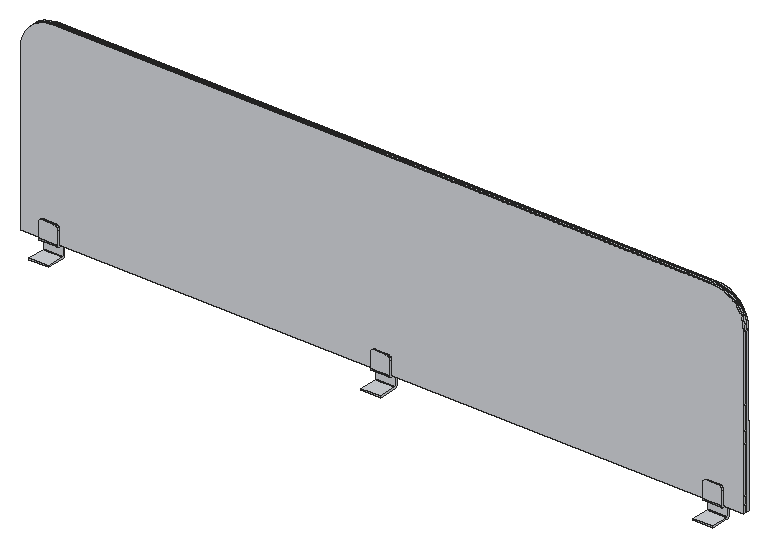
Revit family "BuzziTripl Desk", category Furniture, Revit 2018
Family settings
  OmniClass Number = 23.40.20.00
  OmniClass Title = General Furniture and Specialties
  Work Plane-Based = No
  Always vertical = Yes
  Cut with Voids When Loaded = No
  Shared = No
  Room Calculation Point = No
Parameters (values of type "BuzziTripl Rounded Corners")
  Outside Material = none
  Length [instance] = 6' - 1.06182"
  Divider Type = Rounded Corners : Rounded Corners
  Core Material = none
  Bracket Material = none
  Bracket Locations [instance] = Length - 0' 6"  # 5' - 7.06182"
Types (3): name | Divider Type
  (no name) | Rounded Corners : Rounded Corners
  BuzziTripl Wedge | Wedge : Wedge
  BuzziTripl Rounded Corners | Rounded Corners : Rounded Corners
Reference planes (in)
  plane 1 "Center Front/Back": y = 0
  plane 2: z = 0
  plane 3 "Center Left/Right": x = 0
  plane 4: x = -33.53091
  plane 5: x = 33.53091
Dimensions and locks (in)
  equal spacing: plane 5, plane 3 "Center Left/Right", plane 4
  "Bracket Locations": plane 5 to plane 4
  aligned and locked: level to plane 2
  aligned and locked: nested 2 to plane 4
  aligned and locked: nested 3 to plane 3 "Center Left/Right"
  aligned and locked: plane 5 to nested 4
Nested families (in)
  nested 1: "Rounded Corners" at (0, 0, 0), type <- "Divider Type", type "Rounded Corners"
  nested 2: "Bracket" at (-33.53091, 0.57087, -1.35827) x (0, -1, 0) z (0, 0, 1), type "Bracket"
  nested 3: "Bracket" at (0, 0.57087, -1.35827) x (0, -1, 0) z (0, 0, 1), type "Bracket"
  nested 4: "Bracket" at (33.53091, 0.57087, -1.35827) x (0, -1, 0) z (0, 0, 1), type "Bracket"
Definition of nested family "Rounded Corners"
  Parameters (values of type "Rounded Corners")
    Outside Layer = none
    Length = 6' - 1.06182"
    Core Material = none
  Reference planes (in)
    plane 1 "Center (Front/Back)": y = 0
    plane 2: z = 0
    plane 3 "Center (Left/Right)": x = 0
    plane 4: x = -36.53091
    plane 5: x = 36.53091
  Forms (in)
    Extrusion 1, solid, material <- "Outside Layer"
      sketch origin (0, 0, 0) x (1, 0, 0) y (0, 0, 1)
        loop
          line (-36.53091, 0) -> (36.53091, 0) -> (36.53091, 16.43504)
          arc (36.53091, 16.43504) -> (35.57901, 18.73314) -> (33.28091, 19.68504) r 3.25
          line (33.28091, 19.68504) -> (-33.28091, 19.68504)
          arc (-33.28091, 19.68504) -> (-35.57901, 18.73314) -> (-36.53091, 16.43504) r 3.25
          line (-36.53091, 16.43504) -> (-36.53091, 0)
      from -0.19029 to 0
    Extrusion 2, solid, material <- "Outside Layer"
      sketch origin (0, 0, 0) x (1, 0, 0) y (0, 0, 1)
        loop
          line (-36.53091, 0) -> (36.53091, 0) -> (36.53091, 16.43504)
          arc (36.53091, 16.43504) -> (35.57901, 18.73314) -> (33.28091, 19.68504) r 3.25
          line (33.28091, 19.68504) -> (-33.28091, 19.68504)
          arc (-33.28091, 19.68504) -> (-35.57901, 18.73314) -> (-36.53091, 16.43504) r 3.25
          line (-36.53091, 16.43504) -> (-36.53091, 0)
      from -0.57087 to -0.38058
    Extrusion 3, solid, material <- "Core Material"
      sketch origin (0, 0, 0) x (1, 0, 0) y (0, 0, 1)
        loop
          line (-36.53091, 0) -> (36.53091, 0) -> (36.53091, 16.43504)
          arc (36.53091, 16.43504) -> (35.57901, 18.73314) -> (33.28091, 19.68504) r 3.25
          line (33.28091, 19.68504) -> (-33.28091, 19.68504)
          arc (-33.28091, 19.68504) -> (-35.57901, 18.73314) -> (-36.53091, 16.43504) r 3.25
          line (-36.53091, 16.43504) -> (-36.53091, 0)
      from -0.38058 to -0.19029
  Dimensions and locks (in)
    equal spacing: plane 4, plane 3 "Center (Left/Right)", plane 5
    "Length": plane 4 to plane 5
    aligned and locked: plane 2 to level
    aligned and locked: plane 4 to Extrusion 1  (x4)
    aligned and locked: plane 4 to Extrusion 3
    aligned and locked: plane 4 to Extrusion 2
    aligned and locked: Extrusion 1 to plane 5  (x2)
    aligned and locked: Extrusion 3 to plane 5
    aligned and locked: Extrusion 2 to plane 5
  Automatic sketch dimensions
    Extrusion 1 sketch curve to level = 0' - 0"
    plane 4 to Extrusion 1 sketch curve = 0' - 0"
    Extrusion 1 sketch curve to plane 5 = 0' - 0"
    Extrusion 1 sketch curve to plane 4 = 0' - 3 1/4"
    Extrusion 1 sketch curve to plane 5 = 0' - 3 1/4"
    Extrusion 1 sketch curve to Extrusion 1 sketch curve = 1' - 4.43504"
    Extrusion 3 sketch curve to level = 0' - 0"
    plane 4 to Extrusion 3 sketch curve = 0' - 0"
    Extrusion 3 sketch curve to plane 5 = 0' - 0"
    Extrusion 3 sketch curve to plane 4 = 0' - 3 1/4"
    Extrusion 3 sketch curve to plane 5 = 0' - 3 1/4"
    level to Extrusion 3 sketch curve = 1' - 4.43504"
    Extrusion 2 sketch curve to level = 0' - 0"
    plane 4 to Extrusion 2 sketch curve = 0' - 0"
    Extrusion 2 sketch curve to plane 5 = 0' - 0"
    Extrusion 2 sketch curve to plane 4 = 0' - 3 1/4"
    Extrusion 2 sketch curve to plane 5 = 0' - 3 1/4"
    level to Extrusion 2 sketch curve = 1' - 4.43504"
Definition of nested family "Bracket"
  Parameters (values of type "Bracket")
    Bracket = none
  Reference planes (in)
    plane 1 "Center (Front/Back)": y = 0
    plane 2: z = 0
    plane 3 "Center (Left/Right)": x = 0
  Forms (in)
    Extrusion 1, solid, material <- "Bracket"
      sketch origin (0, 0, 0) x (1, 0, 0) y (0, 0, 1)
        loop
          line (0.11811, 3.20866) -> (0, 3.20866) -> (0, 0.16434)
          arc (0, 0.16434) -> (0.04813, 0.04813) -> (0.16434, 0) r 0.16434
          line (0.16434, 0) -> (1.9685, 0) -> (1.9685, 0.11811) -> (0.16415, 0.11811)
          arc (0.16415, 0.11811) -> (0.1316, 0.1316) -> (0.11811, 0.16415) r 0.04604
          line (0.11811, 0.16415) -> (0.11811, 1.24016) -> (0.6222, 1.24016)
          arc (0.6222, 1.24016) -> (0.73901, 1.28855) -> (0.7874, 1.40536) r 0.16521
          line (0.7874, 1.40536) -> (0.7874, 3.20866) -> (0.66929, 3.20866) -> (0.66929, 1.4027)
          arc (0.66929, 1.4027) -> (0.65628, 1.37128) -> (0.62485, 1.35827) r 0.04444
          line (0.62485, 1.35827) -> (0.11811, 1.35827) -> (0.11811, 3.20866)
      from -0.98425 to 0.98425
    Extrusion 2, void
      sketch origin (0, 0, 0) x (0, 1, 0) y (0, 0, 1)
        loop
          line (0.58974, 3.20866) -> (-0.59698, 3.20866)
          arc (-0.59698, 3.20866) -> (-0.87082, 3.09523) -> (-0.98425, 2.82139) r 0.38727
          line (-0.98425, 2.82139) -> (-0.98425, 0) -> (0.98425, 0) -> (0.98425, 2.81415)
          arc (0.98425, 2.81415) -> (0.8687, 3.09311) -> (0.58974, 3.20866) r 0.39451
        loop
          line (1.118, 3.30446) -> (-1.132, 3.30446) -> (-1.132, -0.19554) -> (1.118, -0.19554) -> (1.118, 3.30446)
      from -0.31224 to 2.24119
  Cuts and joins
    Extrusion 2 cuts Extrusion 1
  Dimensions and locks (in)
    aligned and locked: plane 2 to level
